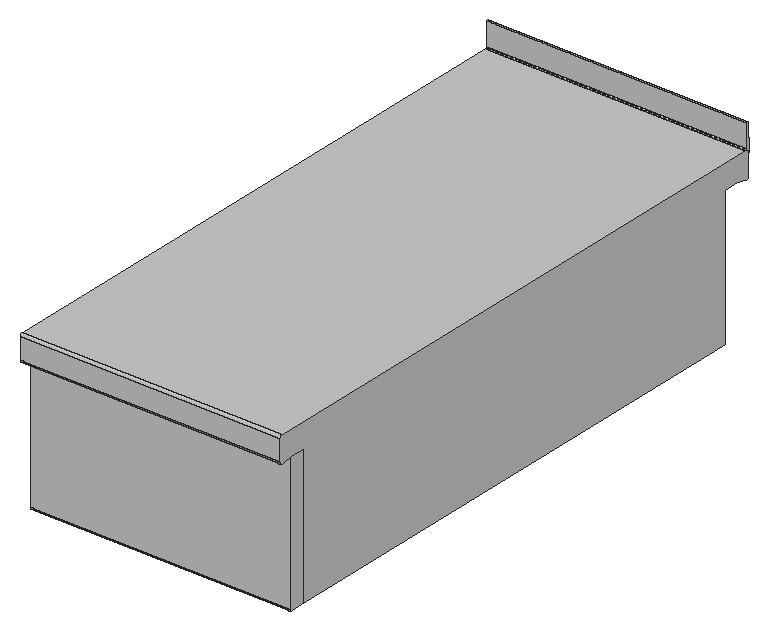
Revit family "QF_ELECTROLUXPROFESSIONAL_589157_MCNABBDOOO", category Specialty Equipment, Revit 2018
Family settings
  Round Connector Dimension = Use Diameter
  Part Type = Normal
  Work Plane-Based = No
  Always vertical = Yes
  Cut with Voids When Loaded = No
  Shared = No
  Room Calculation Point = No
Parameters
  Weight in Pounds = 46
  URL Cutsheet = "www.electrolux.com/professional"
  URL = "www.electrolux.com/professional"
  Type Mark [instance] = ""
  Status [instance] = ""
  Specification by User [instance] = ""
  Specification by Manufacturer = ""
  Serial Number = ""
  Seismic Rating = ""
  SMACNA No = ""
  Revision Code [instance] = ""
  Omniclass Number and Title = ""
  NAFEM Spec ID Number = ""
  Model = "589157"
  Masterspec = ""
  Manufacturer = "ELECTROLUX"
  Item Number [instance] = ""
  Installed By [instance] = ""
  Identify Quantity as Lot [instance] = yes
  Furnished By [instance] = ""
  Foodservice Equipment Identifier [instance] = yes
  Direct Waste Size = 0"
  Description = "WORK TOP,CLOSED,1-S,BACKSPL,400X900X250H"
  CSI MasterFormat = ""
  CSI Master Format = ""
Reference planes
  plane 1 "BACK": y = 0
  plane 2: z = 0
  plane 3 "LEFT": x = 0
  plane 4 "RIGHT": x = 400
  plane 5 "FRONT": y = -900
  plane 6 "TOP": z = 250
  plane 7 "Center Y": x = 200
  plane 8 "Center X": y = -450
  plane 9: z = 288
Forms (mm)
  Extrusion 1, solid, material "QF_Finishes_Stainless Steel"
    sketch origin (0, 50.048, 0) x (0, 1, 0) y (0, 0, 1)
      loop
        line (-95.048, 213) -> (-71.412, 213) -> (-54.743, 210.061)
        arc (-54.743, 210.061) -> (-51.477, 210.936) -> (-50.048, 214) r 4
        line (-50.048, 214) -> (-50.048, 246)
        arc (-50.048, 246) -> (-51.22, 248.828) -> (-54.048, 250) r 4
        line (-54.048, 250) -> (-946.048, 250)
        arc (-946.048, 250) -> (-948.877, 248.828) -> (-950.048, 246) r 4
        line (-950.048, 246) -> (-950.048, 214)
        arc (-950.048, 214) -> (-948.619, 210.936) -> (-945.353, 210.061) r 4
        line (-945.353, 210.061) -> (-928.509, 213) -> (-905.048, 213) -> (-905.048, 0) -> (-95.048, 0) -> (-95.048, 213)
    from 0 to 400
  Extrusion 2, solid, material "QF_Finishes_Stainless Steel"
    sketch origin (0, 50.048, 0) x (0, 1, 0) y (0, 0, 1)
      loop
        arc (-928.048, 213) -> (-929.462, 212.414) -> (-930.048, 211) r 2
        line (-930.048, 211) -> (-930.048, 2)
        arc (-930.048, 2) -> (-929.462, 0.586) -> (-928.048, 0) r 2
        line (-928.048, 0) -> (-905.048, 0) -> (-905.048, 213) -> (-928.048, 213)
    from 0 to 400
  Extrusion 3, solid, material "QF_Finishes_Stainless Steel"
    sketch origin (0, -950.048, 0) x (0, -1, 0) y (0, 0, -1)
      loop
        arc (-948.097, -252.006) -> (-947.511, -250.592) -> (-946.097, -250.006) r 2
        arc (-946.097, -250.006) -> (-948.877, -248.828) -> (-950.048, -246) r 4
        line (-950.048, -246) -> (-950.048, -288.006) -> (-948.097, -288.006) -> (-948.097, -252.006)
    from 0 to 400
Lines and regions (mm)
  symbolic lines
    curve 1: line (0, 0, 0) -> (400, 0, 0)
    curve 2: line (0, -900, 0) -> (0, 0, 0)
    curve 3: line (400, -900, 0) -> (0, -900, 0)
    curve 4: line (400, 0, 0) -> (400, -900, 0)
    curve 5: line (0, -1.951, 0) -> (400, -1.951, 0)
Dimensions and locks
  equal spacing: plane 3 "LEFT", plane 7 "Center Y", plane 4 "RIGHT"
  plane 3 "LEFT" to plane 4 "RIGHT" = 400.00 mm
  equal spacing: plane 5 "FRONT", plane 8 "Center X", plane 1 "BACK"
  plane 5 "FRONT" to plane 1 "BACK" = 900.00 mm
  plane 6 "TOP" to level = 250.00 mm
  plane 9 to level = 288.00 mm
  plane 9 to plane 6 "TOP" = 38.00 mm
  aligned and locked: level to plane 2
  aligned and locked: Extrusion 1 to plane 4 "RIGHT"
  aligned and locked: Extrusion 2 to plane 4 "RIGHT"
  aligned and locked: Extrusion 3 to plane 4 "RIGHT"
Automatic sketch dimensions
  Extrusion 1 sketch curve to plane 5 "FRONT" = 0.00 mm
  Extrusion 1 sketch curve to plane 6 "TOP" = 0.00 mm
  Extrusion 1 sketch curve to level = 0.00 mm
  Extrusion 1 sketch curve to plane 1 "BACK" = 0.00 mm
  Extrusion 1 sketch curve to plane 5 "FRONT" = 4.695 mm
  Extrusion 1 sketch curve to plane 6 "TOP" = 39.939 mm
  Extrusion 1 sketch curve to plane 5 "FRONT" = 4.00 mm  (x2)
  Extrusion 1 sketch curve to Extrusion 1 sketch curve = 16.844 mm
  Extrusion 1 sketch curve to plane 5 "FRONT" = 45.00 mm
  plane 1 "BACK" to Extrusion 1 sketch curve = 45.00 mm
  plane 1 "BACK" to Extrusion 1 sketch curve = 21.364 mm
  plane 1 "BACK" to Extrusion 1 sketch curve = 4.00 mm
  plane 1 "BACK" to Extrusion 1 sketch curve = 4.695 mm
  Extrusion 1 sketch curve to Extrusion 1 sketch curve = 0.00 mm  (x2)
  Extrusion 1 sketch curve to Extrusion 1 sketch curve = 4.00 mm
  Extrusion 1 sketch curve to plane 6 "TOP" = 37.00 mm  (x2)
  Extrusion 1 sketch curve to Extrusion 1 sketch curve = 1.00 mm
  Extrusion 2 sketch curve to level = 0.00 mm
  Extrusion 2 sketch curve to plane 5 "FRONT" = 20.00 mm
  level to Extrusion 2 sketch curve = 2.00 mm
  Extrusion 2 sketch curve to Extrusion 2 sketch curve = 2.00 mm
  Extrusion 2 sketch curve to Extrusion 2 sketch curve = 23.00 mm
  Extrusion 2 sketch curve to plane 6 "TOP" = 39.00 mm
  Extrusion 3 sketch curve to plane 1 "BACK" = 0.00 mm  (x2)
  Extrusion 3 sketch curve to plane 6 "TOP" = 2.006 mm
  Extrusion 3 sketch curve to plane 6 "TOP" = 0.00 mm
  Extrusion 3 sketch curve to plane 9 = 0.006 mm
  Extrusion 3 sketch curve to Extrusion 3 sketch curve = 1.951 mm
  Extrusion 3 sketch curve to Extrusion 3 sketch curve = 2.00 mm
  Extrusion 3 sketch curve to Extrusion 3 sketch curve = 0.049 mm
  Extrusion 3 sketch curve to Extrusion 3 sketch curve = 0.00 mm
  plane 1 "BACK" to curve 1 = 0.00 mm
  curve 1 to plane 3 "LEFT" = 0.00 mm
  curve 1 to plane 4 "RIGHT" = 0.00 mm
  plane 5 "FRONT" to curve 4 = 0.00 mm
  curve 5 to curve 1 = 1.951 mm
